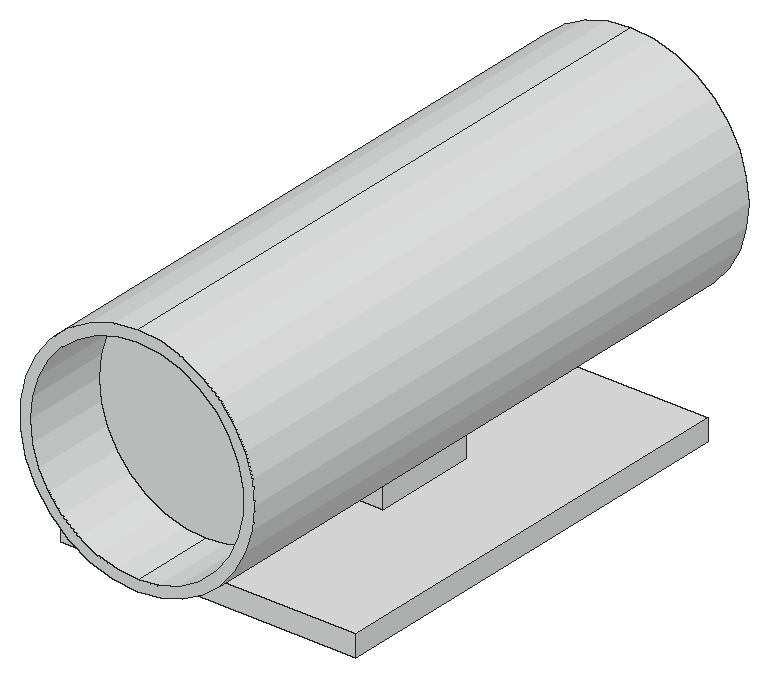
Revit family "Lighting-Surface-Amerlux-Rook X-Up", category Lighting Fixtures, host Face, Revit 2020
Family settings
  Host = Face
  Round Connector Dimension = Use Diameter
  Part Type = Normal
  Cut with Voids When Loaded = No
  Light Source = Yes
  Shared = No
  Room Calculation Point = No
Parameters
  Wattage = 9.2903 W
  built-in parameter 1150110 = 1 (stored number, unit not read)
  Voltage = 0 V
  URL = "http://www.amerlux.com/"
  built-in parameter 1114217 = 1 (stored number, unit not read)
  Tilt Angle = -90.00°
  built-in parameter 1150109 = 1 (stored number, unit not read)
  built-in parameter 1150134 = 3
  built-in parameter 1150113 = 1 (stored number, unit not read)
  Power Factor = 1
  Photometric Web File = "Load File"
  Number of Poles = 1
  built-in parameter 1150142 = (empty or 0)
  Model = "Rook X"
  Manufacturer = "Amerlux"
  built-in parameter 1150105 = 109.82 (stored number, unit not read)
  Lumens = 1380 lm
  built-in parameter 1150115 = 1 (stored number, unit not read)
  built-in parameter 1150137 = (empty or 0)
  built-in parameter 1150139 = (empty or 0)
  built-in parameter 1150112 = 1 (stored number, unit not read)
  built-in parameter 1150114 = 1 (stored number, unit not read)
  built-in parameter 1150132 = (empty or 0)
  built-in parameter 1150102 = (empty or 0)
  built-in parameter 1150107 = 3200 (stored number, unit not read)
  built-in parameter 1150138 = (empty or 0)
  built-in parameter 1150106 = 1.0982 (stored number, unit not read)
  Height = 7.23828"
  Fixture Finish = Aluminum Finish
  Emit from Circle Diameter = 2.50"
  Emit Shape Visible in Rendering = no
  built-in parameter 1150104 = 13.8 (stored number, unit not read)
  Dimming Lamp Color Temperature Shift = <None>
  Description = "Wall Mount"
  Default Elevation = 48.00"
  Color Filter = 16777215
  built-in parameter 1114218 = 1 (stored number, unit not read)
  Back Plate Height = 5.17"
  built-in parameter 1150133 = 10 (stored number, unit not read)
  Apparent Load = 0 VA
Reference planes (in)
  plane 1 "Center (Front/Back)": y = 0
  plane 2: z = 0
  plane 3 "Center (Left/Right)": x = 0
  plane 4: z = 0
  plane 5: z = 24
  plane 6: y = 3.61914
  plane 7: y = -3.61914
  plane 8: y = 2.585
  plane 9: y = -2.585
  plane 10: x = -1.73065
  plane 11: x = 1.73065
Forms (in)
  Extrusion 1, solid, material "Aluminum Finish"
    sketch origin (0, -19.5, 1.91784) x (0, 0, -1) y (-1, 0, 0)
      loop
        circle (0, 0) r 1.375
    from 15.88086 to 23.11914
  Extrusion 2, void
    sketch origin (0, -19.5, 1.91784) x (0, 0, -1) y (-1, 0, 0)
      loop
        circle (0, 0) r 1.25
    from 22.12399 to 23.11914
  Extrusion 3, solid, material "Aluminum Finish" <- "Fixture Finish"
    sketch origin (0, 0, 0) x (1, 0, 0) y (0, 0, 1)
      loop
        line (-1.73065, 0.25) -> (-1.73065, 0) -> (1.73065, 0) -> (1.73065, 0.25) -> (-1.73065, 0.25)
    from -2.585 to 2.585
  Extrusion 4, void
    sketch origin (0, 19.5, 1.91784) x (0, 0, -1) y (1, 0, 0)
      loop
        circle (0, 0) r 1.25
    from 22.12399 to 23.11914
  Extrusion 5, solid, material "Aluminum Finish" <- "Fixture Finish"
    sketch origin (0, 0, 0) x (0, 1, 0) y (0, 0, 1)
      loop
        line (0.59984, 0.5429) -> (-0.60915, 0.5429) -> (-0.60915, 0.25) -> (0.59984, 0.25) -> (0.59984, 0.5429)
    from -0.47183 to 0.47549
Cuts and joins
  Extrusion 2, Extrusion 4 cuts Extrusion 1
Dimensions and locks (in)
  plane 4 to host face = 0.00"
  equal spacing: plane 6, plane 1 "Center (Front/Back)", plane 7
  "Height": plane 6 to plane 7
  equal spacing: plane 8, plane 1 "Center (Front/Back)", plane 9
  "Back Plate Height": plane 8 to plane 9
  equal spacing: plane 10, plane 3 "Center (Left/Right)", plane 11
  plane 10 to plane 11 = 3.4613"
  diameter of Extrusion 1 sketch curve = 2.75"
  aligned and locked: plane 2 to host face
  aligned and locked: level to host face
  aligned and locked: plane 3 "Center (Left/Right)" to imposter light
  aligned and locked: level to Extrusion 3 sketch curve
Automatic sketch dimensions
  host sketch curve to host sketch curve = 96.00"  (x2)
  Extrusion 1 sketch curve to plane 3 "Center (Left/Right)" = 0.00"
  Extrusion 1 sketch curve to plane 5 = 22.08216"
  Extrusion 2 sketch curve to plane 3 "Center (Left/Right)" = 0.00"
  Extrusion 2 sketch curve to plane 5 = 22.08216"
  Extrusion 3 sketch curve to plane 3 "Center (Left/Right)" = 1.73065"
  plane 3 "Center (Left/Right)" to Extrusion 3 sketch curve = 1.73065"
  Extrusion 3 sketch curve to Extrusion 3 sketch curve = 0.25"
  Extrusion 4 sketch curve to plane 3 "Center (Left/Right)" = 0.00"
  Extrusion 4 sketch curve to plane 5 = 22.08216"
  plane 1 "Center (Front/Back)" to Extrusion 5 sketch curve = 0.60915"
  level to Extrusion 5 sketch curve = 0.25"
  Extrusion 5 sketch curve to plane 1 "Center (Front/Back)" = 0.59984"
  Extrusion 5 sketch curve to Extrusion 5 sketch curve = 0.2929"
  radius of Extrusion 2 sketch curve = 1.25"
  radius of Extrusion 4 sketch curve = 1.25"
Connectors (in)
  electrical at (0, 0, 0), driven by "Number of Poles", driven by "Voltage", driven by "Apparent Load", driven by "Power Factor"
    settings: on Extrusion 3, index 1, voltage 0 V, apparent load 0 VA, apparent load phase1 0 VA, apparent load phase2 0 VA, apparent load phase3 0 VA, power factor 1, load classification "Other", number of poles 1, system type 31, power factor state 1, is connector primary yes, connector utility no, sub classification motor no, connector description ""
